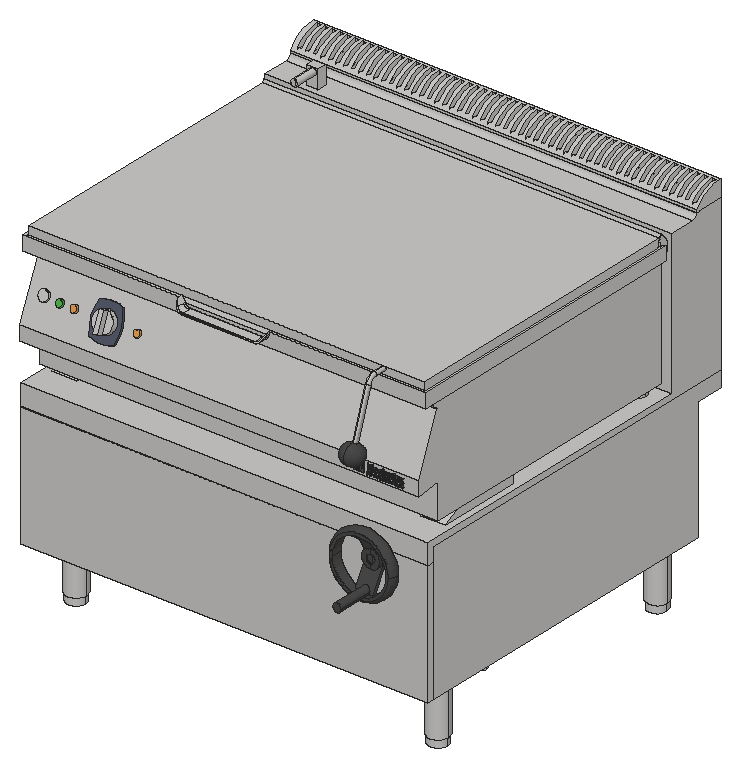
Revit family "QF_ELECTROLUXPROFESSIONAL_391594_E9PPCTBAMGI", category Attrezzature speciali, Revit 2018 (continued)
Automatic sketch dimensions
  curve 50 to curve 49 = 5.076 mm
  curve 49 to curve 49 = 1.823 mm
  curve 49 to curve 47 = 18.827 mm
  curve 47 to curve 46 = 13.072 mm
  curve 50 to curve 46 = 0 mm
  curve 34 to plane 25 = 6.375 mm
  plane 25 to curve 33 = 9.875 mm
  curve 47 to plane 15 = 1.83 mm
  plane 3 "LEFT" to curve 38 = 10 mm
  curve 48 to plane 5 "FRONT" = 2.513 mm
  curve 46 to plane 5 "FRONT" = 7.915 mm
  curve 45 to curve 50 = 4.2 mm
  curve 45 to curve 49 = 2.999 mm
  curve 48 to curve 46 = 2.999 mm
  curve 47 to curve 46 = 6.575 mm
  curve 49 to curve 50 = 6.575 mm
  curve 37 to plane 5 "FRONT" = 15.818 mm
  curve 38 to plane 5 "FRONT" = 15.818 mm
  curve 33 to plane 12 = 25 mm
  curve 33 to curve 34 = 0 mm
  Extrusion 29 sketch curve to plane 5 "FRONT" = 10.347 mm
  plane 5 "FRONT" to Extrusion 29 sketch curve = 6.769 mm
  Extrusion 29 sketch curve to plane 21 = 46.536 mm
  Extrusion 29 sketch curve to plane 21 = 18.745 mm
  plane 5 "FRONT" to Sweep 31 sketch curve = 23.968 mm
  plane 5 "FRONT" to Sweep 31 sketch curve = 5.174 mm
  Sweep 31 sketch curve to plane 21 = 27.169 mm
  Sweep 31 sketch curve to Sweep 31 sketch curve = 6.84 mm
  plane 18 to Sweep 31 sketch curve = 33.995 mm
  Sweep 31 sketch curve to plane 5 "FRONT" = 23.18 mm
  Sweep 31 sketch curve to Sweep 31 sketch curve = 112.748 mm
  Sweep 31 sketch curve to profile plane = 0 mm
  profile plane to Sweep 31 sketch curve = 676.16 mm
  plane 5 "FRONT" to Revolve 32 sketch curve = 14.182 mm
  Revolve 32 sketch curve to Revolve 32 sketch curve = 1.362 mm  (x2)
  plane 5 "FRONT" to Revolve 32 sketch curve = 4.182 mm
  Revolve 32 sketch curve to plane 5 "FRONT" = 0.818 mm
  Revolve 32 sketch curve to Revolve 32 sketch curve = 15 mm
  Revolve 32 sketch curve to plane 10 = 63.57 mm
  Revolve 32 sketch curve to Revolve 32 sketch curve = 10 mm
  Revolve 32 sketch curve to Revolve 32 sketch curve = 11.16 mm
  Revolve 32 sketch curve to Revolve 32 sketch curve = 5 mm
  Revolve 32 sketch curve to Revolve 32 sketch curve = 7.32 mm
  Revolve 32 sketch curve to Revolve 32 sketch curve = 16.362 mm
  Revolve 32 sketch curve to Revolve 32 sketch curve = 0 mm
  plane 10 to Extrusion 33 sketch curve = 2.302 mm
  plane 5 "FRONT" to Extrusion 33 sketch curve = 37.304 mm  (x2)
  Extrusion 33 sketch curve to Extrusion 33 sketch curve = 7.309 mm  (x2)
  plane 5 "FRONT" to Extrusion 33 sketch curve = 4.786 mm
  Extrusion 33 sketch curve to plane 5 "FRONT" = 0.818 mm
  Extrusion 33 sketch curve to plane 10 = 53.57 mm
  Extrusion 33 sketch curve to Extrusion 33 sketch curve = 3.091 mm  (x2)
  Extrusion 33 sketch curve to Extrusion 33 sketch curve = 13.819 mm
  Extrusion 33 sketch curve to Extrusion 33 sketch curve = 58.963 mm
  radius of Extrusion 8 sketch curve = 15 mm  (x2)
  radius of Sweep 20 sketch curve = 80 mm
  radius of Extrusion 21 sketch curve = 10 mm
  radius of Extrusion 22 sketch curve = 8 mm
  radius of Extrusion 23 sketch curve = 8 mm
  radius of Extrusion 24 sketch curve = 25.4 mm
  radius of Extrusion 25 sketch curve to Extrusion 24 = 0 mm  (x2)
  radius of Extrusion 26 sketch curve = 12.7 mm
  radius of Extrusion 27 sketch curve = 8 mm
  radius of Sweep 36 sketch curve = 5 mm
  radius of Extrusion 39 sketch curve = 2.521 mm  (x2)
  radius of Extrusion 39 sketch curve = 1.6 mm
  radius of Extrusion 39 sketch curve = 1.51 mm
  radius of Extrusion 15 sketch curve = 12.7 mm
  radius of Extrusion 16 sketch curve = 30 mm
  radius of Extrusion 17 sketch curve = 6.35 mm
  radius of Extrusion 18 sketch curve = 6.35 mm
  radius of Extrusion 19 sketch curve = 6.35 mm
  radius of Sweep 31 sketch curve = 5 mm
Connectors
  piping at (105, -706, 182), diameter 12.8
    settings: on Extrusion 17, index 1, connector inside diameter 0.50394", connector length 0 mm, flow factor 0, pipe flow 0 GPM, pressure drop 0.00 psi, fitting loss kfactor 0, connector angle 0.00°, fixture units 0, engagement length 0 mm, angle of deflection 0.00°, flow configuration 1, flow direction 1, fitting loss method 0, system type 7, joint type 0, gender type 0, connector reference index -1, connector utility 0, adjustable connector no, is connector primary yes, connector description "GAS CONNECTION"
  piping at (195, -698, 182), diameter 19
    settings: on Extrusion 18, index 2, connector inside diameter 0.74803", connector length 0 mm, flow factor 0, pipe flow 0 GPM, pressure drop 0.00 psi, fitting loss kfactor 0, connector angle 0.00°, fixture units 0, engagement length 0 mm, angle of deflection 0.00°, flow configuration 1, flow direction 1, fitting loss method 0, system type 20, joint type 0, gender type 0, connector reference index -1, connector utility 0, adjustable connector no, is connector primary no, connector description "COLD WATER INLET"
  electrical at (265, -706, 182)
    settings: on Extrusion 19, index 3, voltage 230 V, apparent load 250 VA, apparent load phase1 0 VA, apparent load phase2 0 VA, apparent load phase3 0 VA, power factor 1, load classification "Other", number of poles 1, system type 30, power factor state 1, is connector primary yes, connector utility no, sub classification motor no, connector description "ELECTRICAL CONNECTION"
